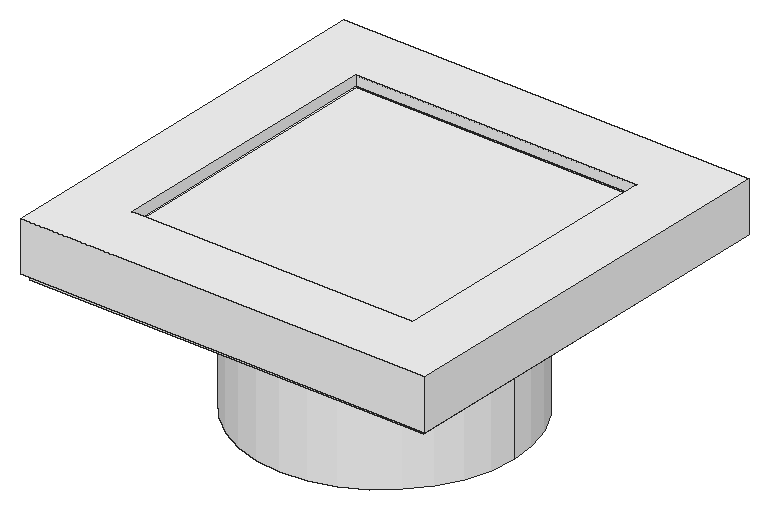
Revit family "Gira_283403", category Electrical Fixtures, host Face, Revit 2017
Family settings
  Host = Face
  Maintain Annotation Orientation = Yes
  Round Connector Dimension = Use Diameter
  Part Type = Normal
  Cut with Voids When Loaded = No
  Shared = No
  Room Calculation Point = No
Parameters (values of type "Rocker sw. BS 20 AX CB 2-p ctrl.l. System 55 p.white")
  With mounting plate = "No"
  Wiring system = "2-pole switch"
  White [instance] = White
  Washing machine switch = "No"
  URL = "http://katalog.gira.de/en/datenblatt.html?artikelnr=283403"
  Type of lighting = "Other"
  Type of fastening = "Screw mounting"
  Surface protection = "Other"
  Surface finishing = "Glossy"
  Suitable for degree of protection (IP) = "IP20"
  Rated current = "20"
  RAL-number (akin) = "9010"
  Push button switch = "No"
  Number of rockers = "1"
  Number of modules (module system) = "1"
  Nominal voltage = "250"
  Name = "Rocker sw. BS 20 AX CB 2-p ctrl.l. System 55 p.white"
  Mounting method = "Flush mounted (plaster)"
  Model = ""
  Method of operation = "Rocker/button"
  Material quality = "Thermoplastic"
  Material = "Plastic"
  Manufacturer URL = "https://www.gira.de/"
  Manufacturer = "Gira"
  Label space/information surface = "No"
  Illumination = "Yes"
  HeinzeBIM = "https://bimportal.heinze.de/bim/rocker-sw-bs-20-ax-cb-2-p-ctrl-l-system-55-p-white/03c49ed0deab1ad3850f9c5ed5ce738d68910108"
  Halogen free = "Yes"
  HAN = "283403"
  GTIN = "4010337078821"
  Function lighting = "Illuminated (on)"
  Feedback-signal contact = "No"
  Description = "Rock.sw.BS20AX CB 2-p ctrl.l Sys55 PW,British Standard rocker switch (BS EN 60669-1) 20 AX 250 V~ with rocker and control light ,System 55, Support ring 71 x 71 mm, circuit breaker 2-pole,pure white glossy,Features:,- With screw terminals.,,Notes :,- For screw mounting only."
  Default Elevation = 1219.2 mm
  Data sheet (1) = "https://katalog.gira.de/en/download.html?artikelnr=283403"
  Connection type = "Screwed terminal"
  Colour = "White"
  Category = "Switch"
  BIM (1) = "https://media.stage.bim.site/public/gira/36a6b08/Sys55_Komplettgerät_Schalten und Tasten.rfa?public/gira/36a6b08/Sys55_Komplettgerät_Schalten und Tasten.rfa"
  Available = "No"
  Assembly arrangement = "Basic element with central cover plate"
Reference planes
  plane 1 "Center (Front/Back)": y = 0
  plane 2: z = 0
  plane 3 "Center (Left/Right)": x = 0
Forms (mm)
  Extrusion 1, solid, material "White" <- "White", detail levels medium
    sketch origin (0, 0, 0) x (1, 0, 0) y (0, 1, 0)
      loop
        line (-40.4, 40.4) -> (-40.4, -40.4) -> (40.4, -40.4) -> (40.4, 40.4) -> (-40.4, 40.4)
      loop
        line (-28, 28) -> (-28, -28) -> (28, -28) -> (28, 28) -> (-28, 28)
    from 0 to 10
  Extrusion 2, solid, material "White" <- "White", detail levels fine
    sketch origin (0, 0, 0) x (1, 0, 0) y (0, 1, 0)
      loop
        line (-40.4, 40.4) -> (-40.4, -40.4) -> (40.4, -40.4) -> (40.4, 40.4) -> (-40.4, 40.4)
      loop
        line (-28, 28) -> (-28, -28) -> (28, -28) -> (28, 28) -> (-28, 28)
    from 0 to 10
  Extrusion 3, void
    sketch origin (0, 0, 0) x (1, 0, 0) y (0, 1, 0)
      loop
        line (-38.4, 38.4) -> (-38.4, -38.4) -> (38.4, -38.4) -> (38.4, 38.4) -> (-38.4, 38.4)
    from 0 to 8
  Extrusion 4, solid, material "White" <- "White", detail levels medium+fine
    sketch origin (0, 0, 0) x (1, 0, 0) y (0, 1, 0)
      loop
        line (-39.4, 39.4) -> (-39.4, -39.4) -> (39.4, -39.4) -> (39.4, 39.4) -> (-39.4, 39.4)
    from 0 to -1
  Extrusion 5, solid, material "White" <- "White", detail levels medium+fine
    sketch origin (0, 0, 0) x (1, 0, 0) y (0, 1, 0)
      loop
        line (-35.5, 35.5) -> (-35.5, -35.5) -> (35.5, -35.5) -> (35.5, 35.5) -> (-35.5, 35.5)
    from -2 to -3
  Extrusion 6, solid, material "White" <- "White", detail levels medium+fine
    sketch origin (0, 0, 0) x (1, 0, 0) y (0, 1, 0)
      loop
        circle (0, 0) r 26
    from 0 to -27.5
  Extrusion 7, solid, material "White" <- "White", detail levels coarse
    sketch origin (0, 0, 0) x (1, 0, 0) y (0, 1, 0)
      loop
        line (-40.4, 40.4) -> (-40.4, -40.4) -> (40.4, -40.4) -> (40.4, 40.4) -> (-40.4, 40.4)
    from -27.5 to 10
Cuts and joins
  Extrusion 3 cuts Extrusion 2
Dimensions and locks
  aligned and locked: plane 2 to host face
  aligned and locked: level to host face
  aligned and locked: plane 3 "Center (Left/Right)" to nested 2
  aligned and locked: plane 1 "Center (Front/Back)" to nested 2
Nested families
  nested 1: "Sys55_Abdeckung_Schalten und Tasten_floor_base" at (0, 0, 0), type "Sys55_Abdeckung_Schalten und Tasten_floor_base"
  nested 2: "Schalter" at (0, 0, 0), type "Schalter"
Connectors
  electrical at (0, 0, -27.5)
    settings: on Extrusion 6, index 1, voltage 220 V, apparent load 0 VA, apparent load phase1 0 VA, apparent load phase2 0 VA, apparent load phase3 0 VA, power factor 1, load classification "Other", number of poles 1, system type 30, power factor state 1, is connector primary yes, connector utility no, sub classification motor no, connector description ""
Definition of nested family "Sys55_Abdeckung_Schalten und Tasten_floor_base"
  Parameters
    Default Elevation = 1219.2 mm
    White [instance] = none
  Reference planes
    plane 1 "Center (Front/Back)": y = 0
    plane 2: z = 0
    plane 3 "Center (Left/Right)": x = 0
  Forms (mm)
    Extrusion 1, solid
      sketch origin (0, 0, 0) x (1, 0, 0) y (0, 1, 0)
        loop
          line (-1219.2, 1219.2) -> (-1219.2, -1219.2) -> (1219.2, -1219.2) -> (1219.2, 1219.2) -> (-1219.2, 1219.2)
      from 0 to -304.8
    Extrusion 2, solid, material <- "White", detail levels fine
      sketch origin (0, 0, 0) x (1, 0, 0) y (0, 1, 0)
        loop
          line (-27.5, 27.5) -> (-27.5, -27.5) -> (27.5, -27.5) -> (27.5, 27.5) -> (-27.5, 27.5)
      from 0 to 8
    Extrusion 3, void
      sketch origin (0, 0, 0) x (1, 0, 0) y (0, 1, 0)
        loop
          line (26, 26) -> (-26, 26) -> (-26, -26) -> (26, -26) -> (26, 26)
      from 0 to 6
    Extrusion 4, solid, material <- "White", detail levels medium
      sketch origin (0, 0, 0) x (1, 0, 0) y (0, 1, 0)
        loop
          line (-27.5, 27.5) -> (-27.5, -27.5) -> (27.5, -27.5) -> (27.5, 27.5) -> (-27.5, 27.5)
      from 0 to 8
    Extrusion 5, solid, material <- "White", detail levels medium
      sketch origin (0, 0, 0) x (1, 0, 0) y (0, 1, 0)
        loop
          line (11, -17.5) -> (11, 17.5) -> (-11, 17.5) -> (-11, -17.5) -> (11, -17.5)
      from -6 to 6
    Extrusion 6, solid, material <- "White", detail levels fine
      sketch origin (0, 0, 0) x (1, 0, 0) y (0, 1, 0)
        loop
          line (11, 17.5) -> (-11, 17.5) -> (-11, 16.5) -> (11, 16.5) -> (11, 17.5)
        loop
          line (-11, -16.5) -> (-11, -17.5) -> (11, -17.5) -> (11, -16.5) -> (-11, -16.5)
      from -4 to 6
    Extrusion 7, solid, material <- "White", detail levels fine
      sketch origin (0, 0, 0) x (1, 0, 0) y (0, 1, 0)
        loop
          arc (5, 9.347) -> (0, 10.6) -> (-5, 9.347) r 10.6
          line (-5, 9.347) -> (-5, -9.347)
          arc (-5, -9.347) -> (0, -10.6) -> (5, -9.347) r 10.6
          line (5, -9.347) -> (5, 9.347)
      from -6 to 6
    Extrusion 8, solid, material <- "White", detail levels coarse
      sketch origin (0, 0, 0) x (1, 0, 0) y (0, 1, 0)
        loop
          line (-27.5, 27.5) -> (-27.5, -27.5) -> (27.5, -27.5) -> (27.5, 27.5) -> (-27.5, 27.5)
      from -6 to 8
  Cuts and joins
    Extrusion 3 cuts Extrusion 2
  Dimensions and locks
    aligned and locked: plane 2 to Extrusion 1
    aligned and locked: level to Extrusion 1
Definition of nested family "Schalter"
  Reference planes
    plane 1: y = 0
    plane 2: x = 0
  Lines and regions (mm)
    detail lines
      curve 1: circle (1.375, 2.778, 0) r 0.8 normal (0, 0, 1)
      curve 2: line (1.021, 2.061, 0) -> (0, 0, 0)
      curve 3: line (0, 0, 0) -> (-0.538, 0.266, 0)
  Dimensions and locks
    curve 2 to curve 2 = 2.3 mm
    curve 3 to curve 2 = 0.6 mm
    radius of curve 1 = 0.8 mm
